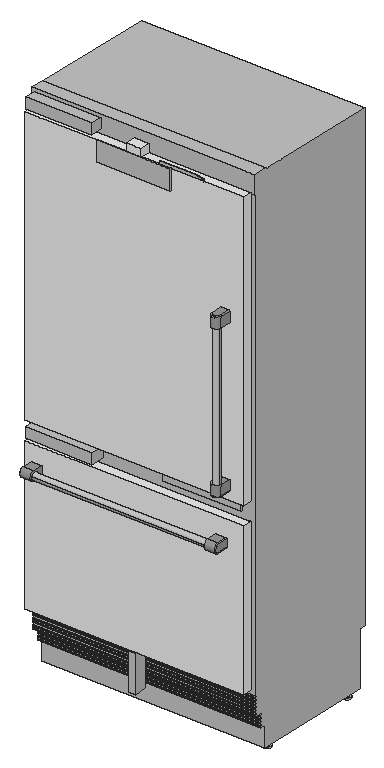
Revit family "FP-Revit20-en-RS9121WLUVE1-IntegratedRefrigerator-0-90003567A-NZ-AU-UK-IE-SG-ASIA-CN", category Specialty Equipment, Revit 2020
Family settings
  Round Connector Dimension = Use Diameter
  Part Type = Normal
  OmniClass Number = 23.40.40.11.11
  OmniClass Title = Refrigerators and Freezers
  Work Plane-Based = No
  Always vertical = Yes
  Cut with Voids When Loaded = Yes
  Shared = No
  Room Calculation Point = No
Parameters (values of type "RS9121WRUVE1")
  Visibility - Water Connection = yes
  Visibility - Visibility Control Note = yes
  Visibility - Clearance Required = yes
  URL = "www.fisherpaykel.com"
  Stainless Steel Door Panels (RD9121WLD) = no
  Product - Width = 908 mm  # constant formula
  Product - Height = 2134 mm  # constant formula
  Product - Depth (exl front panel) = 610 mm  # constant formula
  Model = "RS3084WLU1"
  Material - Handle = Fisher & Paykel - Aluminium
  Material - Door Structure = Fisher & Paykel - White
  Material - Door Front = Fisher & Paykel - Stainless Steel
  Material - Body = Fisher & Paykel - Grey
  Manufacturer = "Fisher & Paykel Appliances"
  Handle Style - Professional Round (AHP3RD9121W) = yes
  Handle Style - Contemporary Square Fine Black (AHD5RD9121WB) = no
  Handle Style - Contemporary Square Fine (AHD5RD9121W) = no
  Handle Style - Contemporary Round (AHSRD9121W) = no
  Description = "30\" Integrated Column Freezer with internal Ice & Water, White Interior"
  Default Elevation = 0 mm
  Connector Description - Water = "1/4\" (6mm) comp. stainless steel braided hose"
  Connector Description - Electrical = "120 V, 10 amp fused electrical supply"
  Cavity - Width = 914 mm  # constant formula
  Cavity - Height = 2134 mm  # constant formula
  Cavity - Depth = 635 mm  # constant formula
Reference planes
  plane 1 "Datum": y = 0
  plane 2: z = 0
  plane 3 "Center (Left/Right)": x = 0
  plane 4 "Product LHS": x = -454
  plane 5 "Product RHS": x = 454
  plane 6 "Product - Depth": y = 610
  plane 7 "Cavity LHS": x = -457
  plane 8 "Cavity RHS": x = 457
  plane 9 "Cavity - Depth": y = 635
  plane 10 "Product Height": z = 2134
  plane 11 "Cavity Height": z = 2134
  plane 12 "Door Panel Datum": y = -4.1
  plane 13 "KNOB 33": x = -390
Forms (mm)
  Extrusion 1, solid, material "Fisher & Paykel - Grey" <- "Material - Body"
    sketch origin (0, 0, 0) x (0, 1, 0) y (0, 0, 1)
      loop
        line (100.1, 19.1) -> (587.9, 19.1) -> (587.9, 239.7) -> (610, 239.7) -> (610, 2132.3) -> (105.1, 2132.3) -> (105.1, 2134) -> (49.9, 2134) -> (49.9, 2059) -> (56, 2059) -> (56, 228.6) -> (59.5, 228.6) -> (59.5, 219.7) -> (56.5, 219.7) -> (56.5, 215.9) -> (59.5, 215.9) -> (59.5, 207) -> (56.5, 207) -> (56.5, 203.2) -> (59.5, 203.2) -> (59.5, 194.3) -> (56.5, 194.3) -> (56.5, 190.5) -> (59.5, 190.5) -> (59.5, 181.6) -> (56.5, 181.6) -> (56.5, 177.8) -> (59.5, 177.8) -> (59.5, 168.9) -> (56.5, 168.9) -> (56.5, 165.1) -> (59.5, 165.1) -> (59.5, 156.2) -> (56.5, 156.2) -> (56.5, 152.4) -> (84.1, 152.4) -> (84.1, 143.5) -> (81.1, 143.5) -> (81.1, 139.7) -> (84.1, 139.7) -> (84.1, 130.8) -> (81.1, 130.8) -> (81.1, 127) -> (84.1, 127) -> (84.1, 118.1) -> (81.1, 118.1) -> (81.1, 114.3) -> (84.1, 114.3) -> (84.1, 105.4) -> (81.1, 105.4) -> (81.1, 101.6) -> (100.1, 101.6) -> (100.1, 19.1)
    from -454 to 454
  Extrusion 2, solid, material "Fisher & Paykel - Grey" <- "Material - Body"
    sketch origin (0, 0, 0) x (1, 0, 0) y (0, 1, 0)
      loop
        circle (-433.5, 547.8) r 4.1
      loop
        circle (-433.5, 141.8) r 4.1
      loop
        circle (433.5, 547.8) r 4.1
      loop
        circle (433.5, 141.8) r 4.1
    from 3 to 19.1
  Extrusion 3, solid, material "Fisher & Paykel - Grey" <- "Material - Body"
    sketch origin (0, 0, 0) x (1, 0, 0) y (0, 1, 0)
      loop
        circle (-433.5, 547.8) r 14.5
      loop
        circle (-433.5, 141.8) r 14.555
      loop
        circle (433.5, 547.8) r 14.5
      loop
        circle (433.5, 141.8) r 14.555
    from 0 to 3
  Extrusion 4, solid, material "Fisher & Paykel - Grey" <- "Material - Body", detail levels fine
    sketch origin (0, 0, 0) x (1, 0, 0) y (0, 1, 0)
      loop
        line (-7.5, 49) -> (-13.797, -4.1) -> (13.797, -4.1) -> (7.5, 49) -> (-7.5, 49)
    from 104.2 to 253.8
  Extrusion 5, solid, material "Fisher & Paykel - Grey" <- "Material - Body", detail levels fine
    sketch origin (0, 0, 0) x (0, 1, 0) y (0, 0, 1)
      loop
        line (0, 2070.6) -> (0, 1988.6) -> (2, 1988.6) -> (2, 2068.6) -> (4, 2068.6) -> (4, 2070.6) -> (0, 2070.6)
    from -150 to 150
  Extrusion 6, solid, material "Fisher & Paykel - Grey" <- "Material - Body"
    sketch origin (0, 0, 0) x (1, 0, 0) y (0, 0, 1)
      loop
        circle (379, 119.813) r 5
      loop
        circle (-379, 119.813) r 5
    from -590 to -587.9
  Extrusion 7, solid, material "Fisher & Paykel - White" <- "Material - Door Structure"
    sketch origin (0, 0, 0) x (1, 0, 0) y (0, 1, 0)
      loop
        line (-429, 56) -> (-429, 42) -> (429, 42) -> (429, 56) -> (-429, 56)
    from 951.3 to 2030.7
  Extrusion 8, solid, material "Fisher & Paykel - White" <- "Material - Door Structure"
    sketch origin (0, 0, 0) x (1, 0, 0) y (0, 1, 0)
      loop
        line (-445.4, 42) -> (-445.4, 3) -> (445.4, 3) -> (445.4, 42) -> (-445.4, 42)
    from 943.8 to 2068.6
  Extrusion 9, solid, material "Fisher & Paykel - White" <- "Material - Door Structure", detail levels fine
    sketch origin (0, 0, 0) x (1, 0, 0) y (0, 0, 1)
      loop
        line (-29.5, 2100.1) -> (-29.5, 2068.6) -> (29.5, 2068.6) -> (29.5, 2100.1) -> (-29.5, 2100.1)
    from -42 to -3
  Extrusion 10, solid, material "Fisher & Paykel - Stainless Steel" <- "Material - Door Front", visible <- "Stainless Steel Door Panels (RD9121WLD)"
    sketch origin (0, 0, 0) x (0, 1, 0) y (0, 0, 1)
      loop
        line (-22.1, 2130.8) -> (-22.1, 876.3) -> (-4.1, 876.3) -> (-4.1, 2130.8) -> (-22.1, 2130.8)
      loop
        line (-22.1, 102) -> (-4.1, 102) -> (-4.1, 873.1) -> (-22.1, 873.1) -> (-22.1, 102)
    from -454 to 454
  Extrusion 11, solid, material "Fisher & Paykel - Grey" <- "Material - Body", detail levels fine
    sketch origin (0, 0, -4) x (0, 1, 0) y (0, 0, 1)
      loop
        arc (163.888, 23.1) -> (180.4, 13.63) -> (196.912, 23.1) r 19.13
        line (196.912, 23.1) -> (163.888, 23.1)
      loop
        arc (493.888, 23.1) -> (510.4, 13.63) -> (526.912, 23.1) r 19.13
        line (526.912, 23.1) -> (493.888, 23.1)
    from 191 to 219
  Extrusion 12, solid, material "Fisher & Paykel - Grey" <- "Material - Body", detail levels fine
    sketch origin (0, 0, -4) x (0, 1, 0) y (0, 0, -1)
      loop
        line (163.888, -23.1) -> (196.912, -23.1)
        arc (196.912, -23.1) -> (180.4, -13.63) -> (163.888, -23.1) r 19.13
      loop
        line (493.888, -23.1) -> (526.912, -23.1)
        arc (526.912, -23.1) -> (510.4, -13.63) -> (493.888, -23.1) r 19.13
    from 191 to 219
  Extrusion 13, solid, material "Fisher & Paykel - Clearance Required", visible <- "Visibility - Clearance Required", detail levels coarse
    sketch origin (0, 0, 0) x (1, 0, 0) y (0, 1, 0)
      loop
        line (-457, 635) -> (-457, -4.1) -> (457, -4.1) -> (457, 635) -> (-457, 635)
    from 0 to 2134
  Extrusion 14, solid, material "Fisher & Paykel - White" <- "Material - Door Structure"
    sketch origin (0, 0, 0) x (1, 0, 0) y (0, 1, 0)
      loop
        line (-445.4, 42) -> (-445.4, 3) -> (445.4, 3) -> (445.4, 42) -> (-445.4, 42)
    from 253.8 to 868.15
  Extrusion 15, solid, material "Fisher & Paykel - White" <- "Material - Door Structure"
    sketch origin (0, 0, 0) x (1, 0, 0) y (0, 1, 0)
      loop
        line (-429, 56) -> (-429, 42) -> (429, 42) -> (429, 56) -> (-429, 56)
    from 269.2 to 858.13
  Extrusion 16, solid, material "Fisher & Paykel - Clearance Required", visible <- "Visibility - Clearance Required", detail levels coarse
    sketch origin (0, 0, 0) x (0, 1, 0) y (0, 0, 1)
      loop
        line (-422.1, 873.1) -> (-422.1, 818.896) -> (-482.1, 818.896) -> (-482.1, 781.896) -> (-422.1, 781.896) -> (-422.1, 101.6) -> (-22.1, 101.6) -> (-22.1, 873.1) -> (-422.1, 873.1)
    from -454 to 454
  Extrusion 17, solid, material "Fisher & Paykel - Clearance Required", visible <- "Visibility - Clearance Required", detail levels coarse
    sketch origin (0, -0.697, 0) x (-1, 0, 0) y (0, -1, 0)
      loop
        line (377.5, 21.403) -> (454, 21.403)
        arc (454, 21.403) -> (456.992, 56.377) -> (491.915, 59.919) r 27.5
        line (491.915, 59.919) -> (773.006, 826.779) -> (799.252, 817.159)
        arc (799.252, 817.159) -> (823.815, 826.099) -> (814.875, 850.661) r 18.483
        line (814.875, 850.661) -> (788.602, 862.912) -> (810.604, 910.252)
        arc (810.604, 910.252) -> (-56.539, 799.947) -> (-454, 21.403) r 935.499
        line (-454, 21.403) -> (377.5, 21.403)
    from 876.3 to 2134
  Extrusion 18, solid, material "Fisher & Paykel - Grey" <- "Material - Body", detail levels fine
    sketch origin (0, 0, 0) x (0, 1, 0) y (0, 0, -1)
      loop
        line (0, -2070.6) -> (4, -2070.6) -> (4, -2068.6) -> (2, -2068.6) -> (2, -1988.6) -> (0, -1988.6) -> (0, -2070.6)
    from -150 to 150
  Extrusion 19, solid, material "Fisher & Paykel - White" <- "Material - Door Structure", detail levels fine
    sketch origin (0, 0, 0) x (-1, 0, 0) y (0, 0, -1)
      loop
        line (-29.5, -2100.1) -> (29.5, -2100.1) -> (29.5, -2068.6) -> (-29.5, -2068.6) -> (-29.5, -2100.1)
    from -42 to -3
  Extrusion 20, solid, material "Fisher & Paykel - Grey" <- "Material - Body", detail levels fine
    sketch origin (0, 0, 0) x (-1, 0, 0) y (0, 0, -1)
      loop
        line (442.4, -2123.15) -> (442.4, -2081.05) -> (171.42, -2081.05) -> (171.42, -2123.15) -> (442.4, -2123.15)
    from -49 to -2.5
  Extrusion 21, solid, material "Fisher & Paykel - Grey" <- "Material - Body", detail levels fine
    sketch origin (0, 0, 0) x (1, 0, 0) y (0, 0, 1)
      loop
        line (118.4, 943.8) -> (118.4, 919.35) -> (435.4, 919.35) -> (435.4, 943.8) -> (118.4, 943.8)
      loop
        line (106, 2081.05) -> (106, 2068.6) -> (282.9, 2068.6) -> (282.9, 2076.05) -> (242.9, 2081.05) -> (106, 2081.05)
    from -7 to -4
  Extrusion 22, solid, material "Fisher & Paykel - Grey" <- "Material - Body", detail levels fine
    sketch origin (0, 0, 0) x (-1, 0, 0) y (0, 0, -1)
      loop
        line (442.4, -877.25) -> (171.42, -877.25) -> (171.42, -919.35) -> (442.4, -919.35) -> (442.4, -877.25)
    from -56 to -2.5
Lines and regions (mm)
  model lines, style "Fisher & Paykel"
    curve 1: line (-454, -4.1, 2130.8) -> (454, -4.1, 2130.8)
    curve 2: line (-454, -4.1, 876.3) -> (-454, -4.1, 2130.8)
    curve 3: line (454, -4.1, 876.3) -> (-454, -4.1, 876.3)
    curve 4: line (454, -4.1, 2130.8) -> (454, -4.1, 876.3)
    curve 5: line (454, -4.1, 873.1) -> (-454, -4.1, 873.1)
    curve 6: line (454, -4.1, 102) -> (454, -4.1, 873.1)
    curve 7: line (-454, -4.1, 102) -> (454, -4.1, 102)
    curve 8: line (-454, -4.1, 873.1) -> (-454, -4.1, 102)
Text (mm)
  text "Due to ongoing product development, product details are subject to change without notice. \nPlease always refer to www.fisherpaykel.com for the most current product information. \n© Fisher & Paykel 2020" at (41.04, -878.295, 0), in view "Ref. Level (Plan)"
Dimensions and locks
  equal spacing: plane 4 "Product LHS", plane 3 "Center (Left/Right)", plane 5 "Product RHS"
  "Product - Width": plane 4 "Product LHS" to plane 5 "Product RHS"
  "Product - Depth (exl front panel)": plane 1 "Datum" to plane 6 "Product - Depth"
  equal spacing: plane 7 "Cavity LHS", plane 3 "Center (Left/Right)", plane 8 "Cavity RHS"
  "Cavity - Width": plane 7 "Cavity LHS" to plane 8 "Cavity RHS"
  "Cavity - Depth": plane 9 "Cavity - Depth" to plane 1 "Datum"
  plane 4 "Product LHS" to Extrusion 2 sketch curve = 24.6 mm
  Extrusion 6 sketch curve to Extrusion 1 = 119.887 mm  (x2)
  Extrusion 6 sketch curve to plane 5 "Product RHS" = 75 mm
  plane 4 "Product LHS" to Extrusion 6 sketch curve = 75 mm
  Extrusion 1 sketch curve to Extrusion 1 sketch curve = 82.5 mm
  Extrusion 1 sketch curve to Extrusion 1 sketch curve = 209.5 mm
  Extrusion 1 sketch curve to Extrusion 1 sketch curve = 220.6 mm
  Extrusion 3 to level = 3 mm
  "Product - Height": level to plane 10 "Product Height"
  plane 10 "Product Height" to Extrusion 10 = 3.2 mm
  Extrusion 8 to plane 10 "Product Height" = 65.4 mm
  Extrusion 7 to plane 10 "Product Height" = 103.3 mm
  Extrusion 1 sketch curve to plane 10 "Product Height" = 1.7 mm
  Extrusion 1 sketch curve to plane 10 "Product Height" = 75 mm
  "Cavity - Height": plane 11 "Cavity Height" to level
  plane 1 "Datum" to Extrusion 13 = 635 mm
  nested 6 to curve 6 = 454 mm
  Extrusion 21 sketch curve to Extrusion 21 sketch curve = 40 mm
  Extrusion 21 sketch curve to Extrusion 21 sketch curve = 176.9 mm
  radius of Extrusion 6 sketch curve = 5 mm
  aligned and locked: level to plane 2
  aligned and locked: Extrusion 10 to plane 5 "Product RHS"
  aligned and locked: plane 4 "Product LHS" to Extrusion 10
  aligned and locked: plane 10 "Product Height" to Extrusion 1 sketch curve
  aligned and locked: Extrusion 11 sketch curve to Extrusion 11 sketch curve
  aligned and locked: Extrusion 12 sketch curve to Extrusion 12 sketch curve
  aligned and locked: Extrusion 1 to plane 5 "Product RHS"
  aligned and locked: plane 4 "Product LHS" to Extrusion 1
  aligned and locked: Extrusion 1 to Extrusion 16
  aligned and locked: Extrusion 16 to Extrusion 1
Automatic sketch dimensions
  Extrusion 1 sketch curve to plane 6 "Product - Depth" = 0 mm
  Extrusion 1 sketch curve to Extrusion 1 sketch curve = 22.1 mm
  Extrusion 1 sketch curve to plane 1 "Datum" = 105.1 mm
  level to Extrusion 1 sketch curve = 19.1 mm
  Extrusion 1 sketch curve to plane 1 "Datum" = 100.1 mm
  Extrusion 1 sketch curve to Extrusion 1 sketch curve = 16 mm
  Extrusion 1 sketch curve to Extrusion 1 sketch curve = 0 mm  (x8)
  Extrusion 1 sketch curve to Extrusion 1 sketch curve = 3 mm  (x10)
  Extrusion 1 sketch curve to plane 1 "Datum" = 59.5 mm
  Extrusion 1 sketch curve to plane 1 "Datum" = 56 mm
  Extrusion 1 sketch curve to plane 1 "Datum" = 49.9 mm
  Extrusion 1 sketch curve to Extrusion 1 sketch curve = 3.8 mm  (x10)
  Extrusion 1 sketch curve to Extrusion 1 sketch curve = 8.9 mm  (x9)
  Extrusion 2 sketch curve to plane 4 "Product LHS" = 20.5 mm  (x2)
  plane 5 "Product RHS" to Extrusion 2 sketch curve = 20.5 mm  (x2)
  Extrusion 2 sketch curve to plane 1 "Datum" = 141.8 mm  (x2)
  Extrusion 2 sketch curve to plane 6 "Product - Depth" = 62.2 mm  (x2)
  Extrusion 3 sketch curve to plane 4 "Product LHS" = 20.5 mm  (x2)
  plane 5 "Product RHS" to Extrusion 3 sketch curve = 20.5 mm  (x2)
  Extrusion 3 sketch curve to plane 1 "Datum" = 141.8 mm  (x2)
  Extrusion 3 sketch curve to plane 6 "Product - Depth" = 62.2 mm  (x2)
  Extrusion 4 sketch curve to plane 12 "Door Panel Datum" = 0 mm
  Extrusion 4 sketch curve to plane 3 "Center (Left/Right)" = 13.797 mm
  Extrusion 4 sketch curve to plane 3 "Center (Left/Right)" = 7.5 mm
  plane 3 "Center (Left/Right)" to Extrusion 4 sketch curve = 7.5 mm
  plane 3 "Center (Left/Right)" to Extrusion 4 sketch curve = 13.797 mm
  Extrusion 4 sketch curve to plane 1 "Datum" = 49 mm
  Extrusion 5 sketch curve to plane 1 "Datum" = 0 mm
  Extrusion 5 sketch curve to plane 1 "Datum" = 2 mm
  Extrusion 5 sketch curve to Extrusion 5 sketch curve = 2 mm  (x2)
  plane 10 "Product Height" to Extrusion 5 sketch curve = 145.4 mm
  plane 10 "Product Height" to Extrusion 5 sketch curve = 65.4 mm
  Extrusion 7 sketch curve to plane 4 "Product LHS" = 25 mm
  plane 5 "Product RHS" to Extrusion 7 sketch curve = 25 mm
  Extrusion 7 sketch curve to plane 1 "Datum" = 42 mm
  Extrusion 7 sketch curve to Extrusion 7 sketch curve = 14 mm
  Extrusion 8 sketch curve to plane 1 "Datum" = 3 mm
  Extrusion 8 sketch curve to plane 4 "Product LHS" = 8.6 mm
  plane 5 "Product RHS" to Extrusion 8 sketch curve = 8.6 mm
  Extrusion 8 sketch curve to Extrusion 8 sketch curve = 39 mm
  Extrusion 9 sketch curve to plane 3 "Center (Left/Right)" = 29.5 mm
  plane 3 "Center (Left/Right)" to Extrusion 9 sketch curve = 29.5 mm
  plane 10 "Product Height" to Extrusion 9 sketch curve = 65.4 mm
  Extrusion 9 sketch curve to Extrusion 9 sketch curve = 31.5 mm
  Extrusion 10 sketch curve to plane 12 "Door Panel Datum" = 0 mm  (x2)
  plane 10 "Product Height" to Extrusion 10 sketch curve = 3.2 mm
  Extrusion 10 sketch curve to plane 12 "Door Panel Datum" = 18 mm
  Extrusion 10 sketch curve to Extrusion 10 sketch curve = 0 mm
  level to Extrusion 10 sketch curve = 876.3 mm
  Extrusion 10 sketch curve to Extrusion 10 sketch curve = 3.2 mm
  level to Extrusion 10 sketch curve = 102 mm
  level to Extrusion 11 sketch curve = 19.1 mm
  Extrusion 11 sketch curve to plane 1 "Datum" = 163.888 mm
  Extrusion 11 sketch curve to Extrusion 11 sketch curve = 16.512 mm  (x2)
  Extrusion 11 sketch curve to plane 6 "Product - Depth" = 116.112 mm
  Extrusion 11 sketch curve to Extrusion 11 sketch curve = 9.66 mm  (x2)
  level to Extrusion 12 sketch curve = 19.1 mm
  Extrusion 12 sketch curve to plane 1 "Datum" = 163.888 mm
  Extrusion 12 sketch curve to Extrusion 12 sketch curve = 16.512 mm  (x2)
  Extrusion 12 sketch curve to plane 6 "Product - Depth" = 116.112 mm
  Extrusion 12 sketch curve to Extrusion 12 sketch curve = 9.66 mm  (x2)
  Extrusion 13 sketch curve to plane 7 "Cavity LHS" = 0 mm
  Extrusion 13 sketch curve to plane 8 "Cavity RHS" = 0 mm
  Extrusion 13 sketch curve to plane 12 "Door Panel Datum" = 0 mm
  Extrusion 13 sketch curve to plane 9 "Cavity - Depth" = 0 mm
  Extrusion 14 sketch curve to plane 1 "Datum" = 3 mm
  Extrusion 14 sketch curve to plane 4 "Product LHS" = 8.6 mm
  plane 5 "Product RHS" to Extrusion 14 sketch curve = 8.6 mm
  Extrusion 14 sketch curve to Extrusion 14 sketch curve = 39 mm
  Extrusion 15 sketch curve to plane 4 "Product LHS" = 25 mm
  plane 5 "Product RHS" to Extrusion 15 sketch curve = 25 mm
  Extrusion 15 sketch curve to plane 1 "Datum" = 42 mm
  Extrusion 15 sketch curve to Extrusion 15 sketch curve = 14 mm
  Extrusion 16 sketch curve to plane 12 "Door Panel Datum" = 478 mm
  Extrusion 16 sketch curve to Extrusion 16 sketch curve = 60 mm
  Extrusion 16 sketch curve to Extrusion 16 sketch curve = 0 mm
  Extrusion 16 sketch curve to plane 12 "Door Panel Datum" = 18 mm
  level to Extrusion 16 sketch curve = 101.6 mm
  Extrusion 16 sketch curve to Extrusion 16 sketch curve = 680.296 mm
  Extrusion 16 sketch curve to Extrusion 16 sketch curve = 37 mm
  Extrusion 16 sketch curve to Extrusion 16 sketch curve = 54.204 mm
  Extrusion 17 sketch curve to plane 5 "Product RHS" = 0 mm
  Extrusion 17 sketch curve to plane 13 "KNOB 33" = 12.5 mm
  plane 4 "Product LHS" to Extrusion 17 sketch curve = 0 mm
  Extrusion 17 sketch curve to plane 7 "Cavity LHS" = 19.59 mm
  Extrusion 17 sketch curve to Extrusion 17 sketch curve = 4.816 mm
  Extrusion 17 sketch curve to Extrusion 17 sketch curve = 10.509 mm
  Extrusion 17 sketch curve to plane 7 "Cavity LHS" = 316.006 mm
  Extrusion 17 sketch curve to Extrusion 17 sketch curve = 15.596 mm
  Extrusion 17 sketch curve to Extrusion 17 sketch curve = 26.246 mm
  Extrusion 17 sketch curve to Extrusion 17 sketch curve = 7.811 mm  (x2)
  Extrusion 17 sketch curve to Extrusion 17 sketch curve = 22.003 mm
  plane 12 "Door Panel Datum" to Extrusion 17 sketch curve = 906.849 mm
  Extrusion 17 sketch curve to Extrusion 17 sketch curve = 47.339 mm
  Extrusion 17 sketch curve to Extrusion 17 sketch curve = 12.251 mm
  Extrusion 17 sketch curve to Extrusion 17 sketch curve = 16.751 mm
  Extrusion 17 sketch curve to Extrusion 17 sketch curve = 9.62 mm
  Extrusion 17 sketch curve to Extrusion 17 sketch curve = 22.833 mm
  plane 5 "Product RHS" to curve 5 = 0 mm
  plane 5 "Product RHS" to curve 1 = 0 mm
  plane 4 "Product LHS" to curve 5 = 0 mm
  plane 4 "Product LHS" to curve 2 = 0 mm
  level to curve 6 = 102 mm
  curve 6 to curve 6 = 771.1 mm
  curve 5 to curve 2 = 3.2 mm
  plane 10 "Product Height" to curve 2 = 3.2 mm
  Extrusion 18 sketch curve to plane 1 "Datum" = 0 mm
  Extrusion 18 sketch curve to plane 1 "Datum" = 2 mm
  Extrusion 18 sketch curve to Extrusion 18 sketch curve = 2 mm  (x2)
  plane 10 "Product Height" to Extrusion 18 sketch curve = 63.4 mm
  Extrusion 18 sketch curve to Extrusion 18 sketch curve = 80 mm
  Extrusion 19 sketch curve to plane 3 "Center (Left/Right)" = 29.5 mm
  plane 3 "Center (Left/Right)" to Extrusion 19 sketch curve = 29.5 mm
  Extrusion 19 sketch curve to plane 10 "Product Height" = 65.4 mm
  Extrusion 19 sketch curve to Extrusion 19 sketch curve = 31.5 mm
  Extrusion 20 sketch curve to plane 10 "Product Height" = 10.85 mm
  plane 3 "Center (Left/Right)" to Extrusion 20 sketch curve = 171.42 mm
  plane 4 "Product LHS" to Extrusion 20 sketch curve = 11.6 mm
  Extrusion 20 sketch curve to Extrusion 20 sketch curve = 42.1 mm
  plane 10 "Product Height" to Extrusion 21 sketch curve = 52.95 mm
  plane 3 "Center (Left/Right)" to Extrusion 21 sketch curve = 106 mm
  plane 3 "Center (Left/Right)" to Extrusion 21 sketch curve = 118.4 mm
  plane 5 "Product RHS" to Extrusion 21 sketch curve = 18.6 mm
  Extrusion 21 sketch curve to Extrusion 21 sketch curve = 5 mm
  Extrusion 21 sketch curve to Extrusion 21 sketch curve = 12.45 mm
  level to Extrusion 21 sketch curve = 943.8 mm
  Extrusion 21 sketch curve to Extrusion 21 sketch curve = 24.45 mm
  plane 3 "Center (Left/Right)" to Extrusion 22 sketch curve = 171.42 mm
  plane 4 "Product LHS" to Extrusion 22 sketch curve = 11.6 mm
  Extrusion 22 sketch curve to level = 877.25 mm
  Extrusion 22 sketch curve to Extrusion 22 sketch curve = 42.1 mm
  radius of Extrusion 2 sketch curve = 4.1 mm  (x3)
  radius of Extrusion 3 sketch curve = 14.5 mm  (x2)
  radius of Extrusion 3 sketch curve = 14.555 mm  (x2)
  radius of Extrusion 6 sketch curve = 5 mm
Nested families
  nested 1: "Visibility Control Note 18" at (0, 0, 0), visible <- "Visibility - Visibility Control Note", type "Visibility Control Note 18"
  nested 2: "Handle Contemporary Square - Horizontal" at (0, -22.1, 800.364), type "AHD3RD3684W - Contemporary square handle (2 of 2) (Horizontal) 798mm", not visible
  nested 3: "F&P Handle Kit - Contemporary Square Fine - Horizontal" at (0, -22.1, 800.364), type "AHD5RD3684WB - Contemporary square fine black handle (2 of 2) (Horizontal) 798mm", not visible
  nested 4: "F&P Handle Kit - Contemporary Square Fine - Horizontal" at (0, -22.1, 800.364), visible <- "Handle Style - Contemporary Square Fine Black (AHD5RD9121WB)", type "AHD5RD3684WB - Contemporary square fine black handle (2 of 2) (Horizontal) 798mm"
  nested 5: "Handle Contemporary Round - Horizontal" at (0, -22.1, 800), visible <- "Handle Style - Contemporary Round (AHSRD9121W)", type "AHSRD3684W - Contemporary round handle (2 of 2) (Horizontal) 798mm"
  nested 6: "F&P Handle Kit - Contemporary Square Fine - Horizontal" at (0, -22.1, 799.994), visible <- "Handle Style - Contemporary Square Fine (AHD5RD9121W)", type "AHD5RD3684W - Contemporary square fine handle (2 of 2) (Horizontal) 798mm"
  nested 7: "Handle Professional Round - Horizontal" at (0, -22.1, 800.342), visible <- "Handle Style - Professional Round (AHP3RD9121W)", type "AHP3RD9121W - Professional round handle (2 of 2) (Horizontal) 798mm"
  nested 8: "F&P Handle Kit - Contemporary Square Fine - Vertical" at (390, -22.1, 1322.58), visible <- "Handle Style - Contemporary Square Fine Black (AHD5RD9121WB)", type "AHD5RD9121WB - Contemporary square fine black handle (1 of 2) (Vertical) 727mm"
  nested 9: "F&P Handle Kit - Contemporary Square Fine - Vertical" at (390.3, -22.1, 1322.58), visible <- "Handle Style - Contemporary Square Fine (AHD5RD9121W)", type "AHD5RD9121W - Contemporary square fine handle (1 of 2) (Vertical) 727mm"
  nested 10: "Handle Contemporary Round - Vertical" at (390, -22.1, 1322.58), visible <- "Handle Style - Contemporary Round (AHSRD9121W)", type "AHSRD9121W - Contemporary round handle (1 of 2) (Vertical) 727mm"
  nested 11: "Handle Professional Round - Vertical" at (390, -22.1, 1322.58) x (-1, 0, 0) z (0, 0, 1), visible <- "Handle Style - Professional Round (AHP3RD9121W)", type "AHP3RD9121W - Professional round handle (1 of 2) (Vertical) 661mm"
Connectors
  electrical at (-379, 590, 119.813), driven by "Connector Description - Electrical"
    settings: on Extrusion 6, index 1, voltage 120 V, apparent load 0 VA, apparent load phase1 0 VA, apparent load phase2 0 VA, apparent load phase3 0 VA, power factor 1, load classification "Other", number of poles 1, system type 30, power factor state 1, is connector primary yes, connector utility no, sub classification motor no, connector description "120 V, 10 amp fused electrical supply"
  piping at (379, 590, 119.813), diameter 12.7, driven by "Visibility - Water Connection", driven by "Connector Description - Water"
    settings: on Extrusion 6, index 2, connector inside diameter 609.6 mm, connector length 0 mm, flow factor 0, pipe flow 0.0 L/s, pressure drop 0.0 Pa, fitting loss kfactor 0, connector angle 0.00°, fixture units 0, engagement length 0 mm, angle of deflection 0.00°, flow configuration 0, flow direction 1, fitting loss method 0, system type 20, joint type 0, gender type 0, connector reference index -1, connector utility 1, adjustable connector no, is connector primary yes, connector description "1/4\" (6mm) comp. stainless steel braided hose"
Definition of nested family "Handle Contemporary Square - Horizontal"
  Parameters (values of type "AHD3RD3684W - Contemporary square handle (2 of 2) (Horizontal) 798mm")
    URL = "www.fisherpaykel.com"
    Material - Handle = none
    Manufacturer = "Fisher & Paykel Appliances"
    Handle - Length = 798 mm
    Default Elevation = 0 mm
  Types (2, lengths in mm): name | Handle - Length
    AHD3RD3084W - Contemporary square handle (2 of 2) (Horizontal) 646mm | 646
    AHD3RD3684W - Contemporary square handle (2 of 2) (Horizontal) 798mm | 798
  Reference planes
    plane 1 "Center (Front/Back)": y = 0
    plane 2: z = 0
    plane 3 "Center (Left/Right)": x = 0
    plane 4 "Product LHS": x = -399
    plane 5 "Product RHS": x = 399
    plane 6 "LHS Standoff": x = -278.995
    plane 7 "RHS Standoff": x = 279.005
  Forms (mm)
    Extrusion 1, solid, material <- "Material - Handle", detail levels fine
      sketch origin (0, 0, 0) x (0, 1, 0) y (0, 0, 1)
        loop
          arc (-28.701, 7.561) -> (-29.057, 7.868) -> (-29.514, 7.978) r 1
          line (-29.514, 7.978) -> (-40.5, 7.978)
          arc (-40.5, 7.978) -> (-41.561, 7.539) -> (-42, 6.478) r 1.5
          line (-42, 6.478) -> (-42, -6.522)
          arc (-42, -6.522) -> (-41.561, -7.583) -> (-40.5, -8.022) r 1.5
          line (-40.5, -8.022) -> (-29.487, -8.022)
          arc (-29.487, -8.022) -> (-29.029, -7.911) -> (-28.673, -7.602) r 1
          arc (-28.673, -7.602) -> (-26.256, -0.016) -> (-28.701, 7.561) r 13.038
      from -399 to 399
    Extrusion 2, solid, material <- "Material - Handle", detail levels fine
      sketch origin (0, 0, 0) x (0, 1, 0) y (0, 0, 1)
        loop
          arc (-28.23, 7.062) -> (-26.156, 0.008) -> (-28.198, -7.056) r 13.136
          arc (-28.198, -7.056) -> (-28.21, -7.463) -> (-27.86, -7.67) r 0.4
          line (-27.86, -7.67) -> (0, -7.67) -> (0, 7.678) -> (-27.893, 7.678)
          arc (-27.893, 7.678) -> (-28.244, 7.47) -> (-28.23, 7.062) r 0.4
      from 279.005 to 399
    Extrusion 3, solid, material <- "Material - Handle", detail levels fine
      sketch origin (0, 0, 0) x (0, 1, 0) y (0, 0, -1)
        loop
          arc (-28.23, -7.062) -> (-28.244, -7.47) -> (-27.893, -7.678) r 0.4
          line (-27.893, -7.678) -> (0, -7.678) -> (0, 7.67) -> (-27.86, 7.67)
          arc (-27.86, 7.67) -> (-28.21, 7.463) -> (-28.198, 7.056) r 0.4
          arc (-28.198, 7.056) -> (-26.156, -0.008) -> (-28.23, -7.062) r 13.136
      from 278.995 to 399
    Sweep 4, void
      path in 3D
        loop
          line (399, -29.514, 7.978) -> (399, -40.5, 7.978)
          arc (399, -40.5, 7.978) -> (399, -41.561, 7.539) -> (399, -42, 6.478) r 1.5
          line (399, -42, 6.478) -> (399, -42, -6.522)
          arc (399, -42, -6.522) -> (399, -41.561, -7.583) -> (399, -40.5, -8.022) r 1.5
          line (399, -40.5, -8.022) -> (399, -29.487, -8.022)
      profile origin (399, -35.007, 7.978) x (1, 0, 0) y (0, 0, 1)
        loop
          line (0, 0) -> (-1.3, 0) -> (0, -1.3) -> (0, 0)
    Sweep 5, void
      path in 3D
        loop
          line (-399, -29.487, -8.022) -> (-399, -40.5, -8.022)
          arc (-399, -40.5, -8.022) -> (-399, -41.561, -7.583) -> (-399, -42, -6.522) r 1.5
          line (-399, -42, -6.522) -> (-399, -42, 6.478)
          arc (-399, -42, 6.478) -> (-399, -41.561, 7.539) -> (-399, -40.5, 7.978) r 1.5
          line (-399, -40.5, 7.978) -> (-399, -29.514, 7.978)
      profile origin (-399, -35.007, 7.978) x (-1, 0, 0) y (0, 0, 1)
        loop
          line (0, 0) -> (-1.3, 0) -> (0, -1.3) -> (0, 0)
    Extrusion 6, void
      sketch origin (0, 0, 0) x (1, 0, 0) y (0, 0, 1)
        loop
          line (399, 7.978) -> (397.7, 7.978) -> (399, 6.678) -> (399, 7.978)
        loop
          line (399, -8.022) -> (399, -6.722) -> (397.7, -8.022) -> (399, -8.022)
      from 0 to 40
    Extrusion 7, void
      sketch origin (0, 0, 0) x (1, 0, 0) y (0, 0, 1)
        loop
          line (-399, 7.978) -> (-399, 6.678) -> (-397.7, 7.978) -> (-399, 7.978)
        loop
          line (-399, -8.022) -> (-397.7, -8.022) -> (-399, -6.722) -> (-399, -8.022)
      from 0 to 40
    Extrusion 8, solid, material <- "Material - Handle", detail levels coarse+medium
      sketch origin (0, 0, 0) x (1, 0, 0) y (0, 1, 0)
        loop
          line (-399, -42) -> (399, -42) -> (399, 0) -> (279.005, 0) -> (279.005, -26.156) -> (-278.995, -26.156) -> (-278.995, 0) -> (-399, 0) -> (-399, -42)
      from -8.022 to 7.978
  Cuts and joins
    Sweep 4, Sweep 5, Extrusion 6, Extrusion 7 cuts Extrusion 1
    Extrusion 6 cuts Extrusion 2
    Extrusion 7 cuts Extrusion 3
  Lines and regions (mm)
    sketch lines
      curve 1: line (399, -29.514, 7.978) -> (399, -40.5, 7.978)
      curve 2: arc (399, -42, 6.478) -> (399, -41.561, 7.539) -> (399, -40.5, 7.978) r 1.5
      curve 3: line (399, -42, 6.478) -> (399, -42, -6.522)
      curve 4: arc (399, -40.5, -8.022) -> (399, -41.561, -7.583) -> (399, -42, -6.522) r 1.5
      curve 5: line (399, -40.5, -8.022) -> (399, -29.487, -8.022)
      curve 6: line (-399, -40.5, 7.978) -> (-399, -29.514, 7.978)
      curve 7: arc (-399, -40.5, 7.978) -> (-399, -41.561, 7.539) -> (-399, -42, 6.478) r 1.5
      curve 8: line (-399, -42, -6.522) -> (-399, -42, 6.478)
      curve 9: arc (-399, -42, -6.522) -> (-399, -41.561, -7.583) -> (-399, -40.5, -8.022) r 1.5
      curve 10: line (-399, -29.487, -8.022) -> (-399, -40.5, -8.022)
  Dimensions and locks
    equal spacing: plane 4 "Product LHS", plane 3 "Center (Left/Right)", plane 5 "Product RHS"
    "Handle - Length": plane 4 "Product LHS" to plane 5 "Product RHS"
    locked: plane 4 "Product LHS" to plane 6 "LHS Standoff" at 120.005
    locked: plane 7 "RHS Standoff" to plane 5 "Product RHS" at 119.995
    aligned and locked: level to plane 2
    aligned and locked: Extrusion 1 to plane 5 "Product RHS"
    aligned and locked: plane 4 "Product LHS" to Extrusion 1
    aligned and locked: Extrusion 2 to plane 5 "Product RHS"
    aligned and locked: plane 4 "Product LHS" to Extrusion 3
    aligned and locked: plane 4 "Product LHS" to Extrusion 8 sketch curve
    aligned and locked: Extrusion 8 sketch curve to plane 5 "Product RHS"
    aligned and locked: Extrusion 8 sketch curve to plane 7 "RHS Standoff"
    aligned and locked: plane 6 "LHS Standoff" to Extrusion 8 sketch curve
    aligned and locked: Extrusion 2 to plane 7 "RHS Standoff"
    aligned and locked: plane 6 "LHS Standoff" to Extrusion 3
  Automatic sketch dimensions
    Extrusion 1 sketch curve to level = 6.522 mm
    plane 1 "Center (Front/Back)" to Extrusion 1 sketch curve = 42 mm
    Extrusion 1 sketch curve to Extrusion 1 sketch curve = 1.5 mm  (x2)
    Extrusion 1 sketch curve to level = 0.04 mm
    Extrusion 1 sketch curve to Extrusion 1 sketch curve = 1.206 mm
    level to Extrusion 1 sketch curve = 6.978 mm
    Extrusion 1 sketch curve to Extrusion 1 sketch curve = 10.986 mm
    Extrusion 1 sketch curve to Extrusion 1 sketch curve = 11.013 mm
    Extrusion 1 sketch curve to Extrusion 1 sketch curve = 1 mm
    level to Extrusion 1 sketch curve = 6.478 mm
    Extrusion 1 sketch curve to Extrusion 1 sketch curve = 0 mm
    Extrusion 2 sketch curve to plane 1 "Center (Front/Back)" = 0 mm
    Extrusion 2 sketch curve to level = 7.67 mm
    Extrusion 2 sketch curve to Extrusion 2 sketch curve = 27.86 mm
    level to Extrusion 2 sketch curve = 7.678 mm
    Extrusion 2 sketch curve to Extrusion 2 sketch curve = 0.033 mm
    Extrusion 2 sketch curve to level = 0.022 mm
    Extrusion 2 sketch curve to Extrusion 2 sketch curve = 11.398 mm
    Extrusion 2 sketch curve to Extrusion 2 sketch curve = 0.4 mm  (x2)
    Extrusion 2 sketch curve to Extrusion 2 sketch curve = 0 mm
    Extrusion 3 sketch curve to plane 1 "Center (Front/Back)" = 0 mm
    Extrusion 3 sketch curve to level = 7.67 mm
    Extrusion 3 sketch curve to Extrusion 3 sketch curve = 27.86 mm
    level to Extrusion 3 sketch curve = 7.678 mm
    Extrusion 3 sketch curve to Extrusion 3 sketch curve = 0.033 mm
    Extrusion 3 sketch curve to level = 0.022 mm
    Extrusion 3 sketch curve to Extrusion 3 sketch curve = 11.398 mm
    Extrusion 3 sketch curve to Extrusion 3 sketch curve = 0.4 mm  (x2)
    Extrusion 3 sketch curve to Extrusion 3 sketch curve = 0 mm
    profile plane to Sweep 4 sketch curve = 0 mm
    Sweep 4 sketch curve to profile plane = 0 mm
    Sweep 4 sketch curve to profile plane = 1.3 mm
    profile plane to Sweep 4 sketch curve = 1.3 mm
    Sweep 5 sketch curve to profile plane = 0 mm  (x2)
    profile plane to Sweep 5 sketch curve = 1.3 mm
    Sweep 5 sketch curve to profile plane = 1.3 mm
    plane 5 "Product RHS" to Extrusion 6 sketch curve = 0 mm  (x2)
    Extrusion 6 sketch curve to Extrusion 6 sketch curve = 1.3 mm  (x4)
    Extrusion 6 sketch curve to level = 6.722 mm
    level to Extrusion 6 sketch curve = 6.678 mm
    plane 4 "Product LHS" to Extrusion 7 sketch curve = 0 mm  (x2)
    Extrusion 7 sketch curve to plane 4 "Product LHS" = 1.3 mm  (x2)
    Extrusion 7 sketch curve to level = 8.022 mm
    level to Extrusion 7 sketch curve = 6.678 mm
    Extrusion 7 sketch curve to Extrusion 7 sketch curve = 1.3 mm  (x2)
    plane 1 "Center (Front/Back)" to Extrusion 8 sketch curve = 0 mm  (x2)
    Extrusion 8 sketch curve to Extrusion 8 sketch curve = 26.156 mm
    Extrusion 8 sketch curve to Extrusion 8 sketch curve = 42 mm
Definition of nested family "F&P Handle Kit - Contemporary Square Fine - Horizontal"
  Parameters (values of type "AHD5RD3684WB - Contemporary square fine black handle (2 of 2) (Horizontal) 798mm")
    URL = "www.fisherpaykel.com"
    Material - Handle = none
    Manufacturer = "Fisher & Paykel Appliances"
    Handle - Length = 798 mm
    Default Elevation = 0 mm
  Types (4, lengths in mm): name | Handle - Length
    AHD5RD3084W - Contemporary square fine handle (2 of 2) (Horizontal) 646mm | 646
    AHD5RD3084WB - Contemporary square fine black handle (2 of 2) (Horizontal) 646mm | 646
    AHD5RD3684W - Contemporary square fine handle (2 of 2) (Horizontal) 798mm | 798
    AHD5RD3684WB - Contemporary square fine black handle (2 of 2) (Horizontal) 798mm | 798
  Reference planes
    plane 1 "Center (Front/Back)": y = 0
    plane 2: z = 0
    plane 3 "Center (Left/Right)": x = 0
    plane 4 "Product LHS": x = -399
    plane 5 "Product RHS": x = 399
    plane 6 "LHS Standoff": x = -278.995
    plane 7 "RHS Standoff": x = 279.005
  Forms (mm)
    Extrusion 1, solid, material <- "Material - Handle", detail levels fine
      sketch origin (0, 0, 0) x (0, 1, 0) y (0, 0, 1)
        loop
          arc (-26.813, 6.16) -> (-27.196, 6.554) -> (-27.728, 6.686) r 1
          line (-27.728, 6.686) -> (-40.035, 6.256)
          arc (-40.035, 6.256) -> (-40.719, 5.951) -> (-41, 5.257) r 1
          line (-41, 5.257) -> (-41, -5.257)
          arc (-41, -5.257) -> (-40.719, -5.951) -> (-40.035, -6.256) r 1
          line (-40.035, -6.256) -> (-27.709, -6.686)
          arc (-27.709, -6.686) -> (-27.175, -6.554) -> (-26.792, -6.158) r 1
          arc (-26.792, -6.158) -> (-25.256, 0.004) -> (-26.813, 6.16) r 13.038
      from -399 to 399
    Extrusion 2, solid, material <- "Material - Handle", detail levels fine
      sketch origin (0, 0, 0) x (0, 1, 0) y (0, 0, 1)
        loop
          arc (-26.626, -6.008) -> (-26.614, -6.49) -> (-26.2, -6.737) r 0.5
          line (-26.2, -6.737) -> (0, -7.696) -> (0, 7.704) -> (-26.174, 6.747)
          arc (-26.174, 6.747) -> (-26.587, 6.5) -> (-26.6, 6.019) r 0.5
          arc (-26.6, 6.019) -> (-25.156, 0.002) -> (-26.626, -6.008) r 13.136
      from 279.005 to 399
    Extrusion 3, solid, material <- "Material - Handle", detail levels coarse+medium
      sketch origin (0, 0, 0) x (1, 0, 0) y (0, 1, 0)
        loop
          line (-399, -42) -> (399, -42) -> (399, 0) -> (279.005, 0) -> (279.005, -26.156) -> (-278.995, -26.156) -> (-278.995, 0) -> (-399, 0) -> (-399, -42)
      from -8.022 to 7.978
    Extrusion 4, solid, material <- "Material - Handle", detail levels fine
      sketch origin (0, 0, 0) x (0, 1, 0) y (0, 0, 1)
        loop
          arc (-26.626, -6.008) -> (-26.614, -6.49) -> (-26.2, -6.737) r 0.5
          line (-26.2, -6.737) -> (0, -7.696) -> (0, 7.704) -> (-26.174, 6.747)
          arc (-26.174, 6.747) -> (-26.587, 6.5) -> (-26.6, 6.019) r 0.5
          arc (-26.6, 6.019) -> (-25.156, 0.002) -> (-26.626, -6.008) r 13.136
      from -399 to -278.995
  Dimensions and locks
    equal spacing: plane 4 "Product LHS", plane 3 "Center (Left/Right)", plane 5 "Product RHS"
    "Handle - Length": plane 4 "Product LHS" to plane 5 "Product RHS"
    locked: plane 4 "Product LHS" to plane 6 "LHS Standoff" at 120.005
    locked: plane 7 "RHS Standoff" to plane 5 "Product RHS" at 119.995
    aligned and locked: level to plane 2
    aligned and locked: Extrusion 1 to plane 5 "Product RHS"
    aligned and locked: plane 4 "Product LHS" to Extrusion 1
    aligned and locked: Extrusion 2 to plane 5 "Product RHS"
    aligned and locked: plane 4 "Product LHS" to Extrusion 3 sketch curve
    aligned and locked: Extrusion 3 sketch curve to plane 5 "Product RHS"
    aligned and locked: Extrusion 3 sketch curve to plane 7 "RHS Standoff"
    aligned and locked: plane 6 "LHS Standoff" to Extrusion 3 sketch curve
    aligned and locked: plane 4 "Product LHS" to Extrusion 4
    aligned and locked: plane 6 "LHS Standoff" to Extrusion 4
    aligned and locked: Extrusion 2 to plane 7 "RHS Standoff"
  Automatic sketch dimensions
    Extrusion 1 sketch curve to level = 5.257 mm
    plane 1 "Center (Front/Back)" to Extrusion 1 sketch curve = 41 mm
    level to Extrusion 1 sketch curve = 6.256 mm
    Extrusion 1 sketch curve to Extrusion 1 sketch curve = 0.965 mm  (x2)
    Extrusion 1 sketch curve to level = 6.256 mm
    Extrusion 1 sketch curve to Extrusion 1 sketch curve = 0.035 mm  (x3)
    Extrusion 1 sketch curve to level = 0.018 mm
    Extrusion 1 sketch curve to Extrusion 1 sketch curve = 1.706 mm
    level to Extrusion 1 sketch curve = 6.686 mm
    Extrusion 1 sketch curve to Extrusion 1 sketch curve = 12.307 mm
    Extrusion 1 sketch curve to level = 6.686 mm
    Extrusion 1 sketch curve to Extrusion 1 sketch curve = 12.326 mm
    Extrusion 1 sketch curve to Extrusion 1 sketch curve = 0.999 mm  (x2)
    Extrusion 1 sketch curve to Extrusion 1 sketch curve = 0 mm
    Extrusion 2 sketch curve to plane 1 "Center (Front/Back)" = 0 mm
    level to Extrusion 2 sketch curve = 6.247 mm
    plane 1 "Center (Front/Back)" to Extrusion 2 sketch curve = 26.155 mm
    level to Extrusion 2 sketch curve = 6.747 mm
    Extrusion 2 sketch curve to Extrusion 2 sketch curve = 0.018 mm  (x2)
    Extrusion 2 sketch curve to level = 6.238 mm
    Extrusion 2 sketch curve to Extrusion 2 sketch curve = 0.026 mm
    Extrusion 2 sketch curve to level = 6.737 mm
    level to Extrusion 2 sketch curve = 0.03 mm
    Extrusion 2 sketch curve to Extrusion 2 sketch curve = 12.11 mm
    Extrusion 2 sketch curve to level = 7.696 mm
    level to Extrusion 2 sketch curve = 7.704 mm
    Extrusion 2 sketch curve to Extrusion 2 sketch curve = 0 mm
    plane 1 "Center (Front/Back)" to Extrusion 3 sketch curve = 42 mm
    Extrusion 3 sketch curve to Extrusion 3 sketch curve = 15.844 mm
    Extrusion 3 sketch curve to Extrusion 3 sketch curve = 26.156 mm  (x2)
    level to Extrusion 4 sketch curve = 0.03 mm
    plane 1 "Center (Front/Back)" to Extrusion 4 sketch curve = 38.291 mm
    Extrusion 4 sketch curve to level = 6.737 mm
    Extrusion 4 sketch curve to Extrusion 4 sketch curve = 12.091 mm
    Extrusion 4 sketch curve to Extrusion 4 sketch curve = 0.018 mm  (x2)
    level to Extrusion 4 sketch curve = 6.747 mm
    Extrusion 4 sketch curve to Extrusion 4 sketch curve = 0.008 mm
    level to Extrusion 4 sketch curve = 7.704 mm
    Extrusion 4 sketch curve to Extrusion 4 sketch curve = 26.174 mm
    Extrusion 4 sketch curve to level = 7.696 mm
    Extrusion 4 sketch curve to Extrusion 4 sketch curve = 0.5 mm  (x2)
    Extrusion 4 sketch curve to Extrusion 4 sketch curve = 0 mm
Definition of nested family "Handle Contemporary Round - Horizontal"
  Parameters (values of type "AHSRD3684W - Contemporary round handle (2 of 2) (Horizontal) 798mm")
    URL = "www.fisherpaykel.com"
    Product - Width = 798 mm
    Material - Handle = none
    Manufacturer = "Fisher & Paykel Appliances"
    Default Elevation = 0 mm
  Types (2, lengths in mm): name | Product - Width
    AHSRD3084W - Contemporary round handle (2 of 2) (Horizontal) 646mm | 646
    AHSRD3684W - Contemporary round handle (2 of 2) (Horizontal) 798mm | 798
  Reference planes
    plane 1 "Center (Front/Back)": y = 0
    plane 2: z = 0
    plane 3 "Center (Left/Right)": x = 0
    plane 4 "Product LHS": x = -399
    plane 5 "Product RHS": x = 399
    plane 6 "LHS Standoff": x = -278.995
    plane 7 "RHS Standoff": x = 279.005
  Forms (mm)
    Extrusion 1, solid, material <- "Material - Handle"
      sketch origin (0, 0, 0) x (0, 1, 0) y (0, 0, 1)
        loop
          circle (-32.3, 0) r 8.7
      from -278.995 to 279.005
    Extrusion 2, solid, material <- "Material - Handle", detail levels fine
      sketch origin (0, 0, 0) x (0, 1, 0) y (0, 0, 1)
        loop
          line (0, 8.7) -> (-32.3, 8.7)
          arc (-32.3, 8.7) -> (-41, 0) -> (-32.3, -8.7) r 8.7
          line (-32.3, -8.7) -> (0, -8.7) -> (0, 8.7)
      from 279.005 to 399
    Extrusion 3, solid, material <- "Material - Handle", detail levels fine
      sketch origin (0, 0, 0) x (0, 1, 0) y (0, 0, -1)
        loop
          line (0, -8.7) -> (0, 8.7) -> (-32.3, 8.7)
          arc (-32.3, 8.7) -> (-41, 0) -> (-32.3, -8.7) r 8.7
          line (-32.3, -8.7) -> (0, -8.7)
      from 278.995 to 399
    Sweep 4, void
      path in 3D
        loop
          line (399, 0, 8.7) -> (399, -32.3, 8.7)
          arc (399, -32.3, 8.7) -> (399, -41, 0) -> (399, -32.3, -8.7) r 8.7
          line (399, -32.3, -8.7) -> (399, 0, -8.7)
      profile origin (399, -16.15, 8.7) x (1, 0, 0) y (0, 0, 1)
        loop
          line (0, 0) -> (-1, 0) -> (0, -1) -> (0, 0)
    Sweep 5, void
      path in 3D
        loop
          line (-399, 0, -8.7) -> (-399, -32.3, -8.7)
          arc (-399, -32.3, -8.7) -> (-399, -41, 0) -> (-399, -32.3, 8.7) r 8.7
          line (-399, -32.3, 8.7) -> (-399, 0, 8.7)
      profile origin (-399, -16.15, 8.7) x (-1, 0, 0) y (0, 0, 1)
        loop
          line (0, 0) -> (-1, 0) -> (0, -1) -> (0, 0)
    Extrusion 6, solid, material <- "Material - Handle", detail levels coarse+medium
      sketch origin (0, 0, 0) x (0, 1, 0) y (0, 0, 1)
        loop
          line (0, 8.7) -> (-32.3, 8.7)
          arc (-32.3, 8.7) -> (-41, 0) -> (-32.3, -8.7) r 8.7
          line (-32.3, -8.7) -> (0, -8.7) -> (0, 8.7)
      from 279.005 to 399
    Extrusion 7, solid, material <- "Material - Handle", detail levels coarse+medium
      sketch origin (0, 0, 0) x (0, 1, 0) y (0, 0, -1)
        loop
          line (0, -8.7) -> (0, 8.7) -> (-32.3, 8.7)
          arc (-32.3, 8.7) -> (-41, 0) -> (-32.3, -8.7) r 8.7
          line (-32.3, -8.7) -> (0, -8.7)
      from 278.995 to 399
  Cuts and joins
    Sweep 4 cuts Extrusion 2
    Sweep 5 cuts Extrusion 3
  Lines and regions (mm)
    sketch lines
      curve 1: line (399, 0, 8.7) -> (399, -32.3, 8.7)
      curve 2: arc (399, -32.3, -8.7) -> (399, -41, 0) -> (399, -32.3, 8.7) r 8.7
      curve 3: line (399, -32.3, -8.7) -> (399, 0, -8.7)
      curve 4: line (-399, -32.3, 8.7) -> (-399, 0, 8.7)
      curve 5: arc (-399, -32.3, 8.7) -> (-399, -41, 0) -> (-399, -32.3, -8.7) r 8.7
      curve 6: line (-399, 0, -8.7) -> (-399, -32.3, -8.7)
  Dimensions and locks
    equal spacing: plane 4 "Product LHS", plane 3 "Center (Left/Right)", plane 5 "Product RHS"
    "Product - Width": plane 4 "Product LHS" to plane 5 "Product RHS"
    locked: plane 4 "Product LHS" to plane 6 "LHS Standoff" at 120.005
    locked: plane 7 "RHS Standoff" to plane 5 "Product RHS" at 119.995
    equal spacing: Extrusion 2 sketch curve, level, Extrusion 2 sketch curve
    Extrusion 3 sketch curve to Extrusion 3 sketch curve = 17.4 mm
    Extrusion 6 sketch curve to Extrusion 6 sketch curve = 17.4 mm
    Extrusion 7 sketch curve to Extrusion 7 sketch curve = 17.4 mm
    aligned and locked: level to plane 2
    aligned and locked: plane 7 "RHS Standoff" to Extrusion 1
    aligned and locked: Extrusion 2 to Extrusion 1
    aligned and locked: Extrusion 2 to plane 5 "Product RHS"
    aligned and locked: plane 4 "Product LHS" to Extrusion 3
    aligned and locked: plane 6 "LHS Standoff" to Extrusion 3
    aligned and locked: Extrusion 1 to plane 6 "LHS Standoff"
    aligned and locked: Extrusion 6 to Extrusion 1
    aligned and locked: Extrusion 6 to plane 5 "Product RHS"
    aligned and locked: plane 4 "Product LHS" to Extrusion 7
    aligned and locked: Extrusion 7 to Extrusion 1
  Automatic sketch dimensions
    Extrusion 1 sketch curve to level = 0 mm
    plane 1 "Center (Front/Back)" to Extrusion 1 sketch curve = 32.3 mm
    Extrusion 2 sketch curve to plane 1 "Center (Front/Back)" = 0 mm
    Extrusion 2 sketch curve to level = 8.7 mm
    plane 1 "Center (Front/Back)" to Extrusion 2 sketch curve = 32.3 mm
    Extrusion 3 sketch curve to level = 0 mm
    Extrusion 3 sketch curve to plane 1 "Center (Front/Back)" = 0 mm
    Extrusion 3 sketch curve to level = 8.7 mm
    plane 1 "Center (Front/Back)" to Extrusion 3 sketch curve = 32.3 mm
    Sweep 4 sketch curve to profile plane = 0 mm
    profile plane to Sweep 4 sketch curve = 0 mm
    profile plane to Sweep 4 sketch curve = 1 mm
    Sweep 4 sketch curve to profile plane = 1 mm
    Sweep 5 sketch curve to profile plane = 0 mm  (x2)
    profile plane to Sweep 5 sketch curve = 1 mm
    Sweep 5 sketch curve to profile plane = 1 mm
    Extrusion 6 sketch curve to level = 0 mm
    level to Extrusion 6 sketch curve = 8.7 mm
    plane 1 "Center (Front/Back)" to Extrusion 6 sketch curve = 32.3 mm
    Extrusion 6 sketch curve to Extrusion 6 sketch curve = 32.3 mm
    Extrusion 7 sketch curve to level = 0 mm
    level to Extrusion 7 sketch curve = 8.7 mm
    plane 1 "Center (Front/Back)" to Extrusion 7 sketch curve = 32.3 mm
    Extrusion 7 sketch curve to Extrusion 7 sketch curve = 32.3 mm
    radius of Extrusion 1 sketch curve = 8.7 mm
Definition of nested family "Handle Professional Round - Horizontal"
  Parameters (values of type "AHP3RD9121W - Professional round handle (2 of 2) (Horizontal) 798mm")
    URL = "www.fisherpaykel.com"
    Material - Standoff = none
    Material - Handle = none
    Manufacturer = "Fisher & Paykel Appliances"
    Handle - Length = 798 mm
    Default Elevation = 0 mm
  Types (4, lengths in mm): name | Handle - Length
    AHCRD3084W - Professional round handle (2 of 2) (Horizontal) 580mm | 646
    AHP3RD9121W - Professional round handle (2 of 2) (Horizontal) 798mm | 798
    AHP3RD3684WBA - Professional round handle Brass (2 of 2) (Horizontal) 798mm | 798
    AHP3RD3684WDC - Professional round handle Dark Copper (2 of 2) (Horizontal) 798mm | 798
  Reference planes
    plane 1 "Center (Front/Back)": y = 0
    plane 2: z = 0
    plane 3 "Center (Left/Right)": x = 0
    plane 4 "Product LHS": x = -399
    plane 5 "Product RHS": x = 399
    plane 6 "LHS Standoff": x = -355
    plane 7 "RHS Standoff": x = 355
  Forms (mm)
    Extrusion 1, solid, material <- "Material - Standoff", detail levels fine
      sketch origin (0, 0, 0) x (0, 1, 0) y (0, 0, 1)
        loop
          line (0, 18.5) -> (-41.7, 18.5)
          arc (-41.7, 18.5) -> (-60.2, 0) -> (-41.7, -18.5) r 18.5
          line (-41.7, -18.5) -> (0, -18.5) -> (0, 18.5)
      from 355 to 399
    Extrusion 2, solid, material <- "Material - Standoff", detail levels fine
      sketch origin (0, 0, 0) x (0, 1, 0) y (0, 0, 1)
        loop
          line (0, 18.5) -> (-41.7, 18.5)
          arc (-41.7, 18.5) -> (-60.2, 0) -> (-41.7, -18.5) r 18.5
          line (-41.7, -18.5) -> (0, -18.5) -> (0, 18.5)
      from -399 to -355
    Sweep 3, void
      path in 3D
        loop
          line (399, 0, 18.5) -> (399, -41.7, 18.5)
          arc (399, -41.7, 18.5) -> (399, -60.2, 0) -> (399, -41.7, -18.5) r 18.5
          line (399, -41.7, -18.5) -> (399, 0, -18.5)
      profile origin (399, -20.85, 18.5) x (1, 0, 0) y (0, 0, 1)
        loop
          line (0, 0) -> (-3, 0) -> (0, -3) -> (0, 0)
    Sweep 4, void
      path in 3D
        loop
          line (-399, 0, -18.5) -> (-399, -41.7, -18.5)
          arc (-399, -41.7, -18.5) -> (-399, -60.2, 0) -> (-399, -41.7, 18.5) r 18.5
          line (-399, -41.7, 18.5) -> (-399, 0, 18.5)
      profile origin (-399, -20.85, 18.5) x (-1, 0, 0) y (0, 0, 1)
        loop
          line (0, 0) -> (-3, 0) -> (0, -3) -> (0, 0)
    Extrusion 5, solid, material <- "Material - Handle"
      sketch origin (0, -2.3, 0) x (0, 1, 0) y (0, 0, 1)
        loop
          circle (-39.4, 0) r 12.7
      from -355 to 355
    Extrusion 6, solid, material <- "Material - Standoff", detail levels coarse+medium
      sketch origin (0, 0, 0) x (0, 1, 0) y (0, 0, 1)
        loop
          line (0, 18.5) -> (-41.7, 18.5)
          arc (-41.7, 18.5) -> (-60.2, 0) -> (-41.7, -18.5) r 18.5
          line (-41.7, -18.5) -> (0, -18.5) -> (0, 18.5)
      from 399 to 355
    Extrusion 7, solid, material <- "Material - Standoff", detail levels coarse+medium
      sketch origin (0, 0, 0) x (0, 1, 0) y (0, 0, 1)
        loop
          line (0, 18.5) -> (-41.7, 18.5)
          arc (-41.7, 18.5) -> (-60.2, 0) -> (-41.7, -18.5) r 18.5
          line (-41.7, -18.5) -> (0, -18.5) -> (0, 18.5)
      from -355 to -399
  Cuts and joins
    Sweep 3 cuts Extrusion 1
    Sweep 4 cuts Extrusion 2
  Lines and regions (mm)
    sketch lines
      curve 1: line (399, 0, 18.5) -> (399, -41.7, 18.5)
      curve 2: arc (399, -41.7, -18.5) -> (399, -60.2, 0) -> (399, -41.7, 18.5) r 18.5
      curve 3: line (399, -41.7, -18.5) -> (399, 0, -18.5)
      curve 4: line (-399, -41.7, 18.5) -> (-399, 0, 18.5)
      curve 5: arc (-399, -41.7, 18.5) -> (-399, -60.2, 0) -> (-399, -41.7, -18.5) r 18.5
      curve 6: line (-399, 0, -18.5) -> (-399, -41.7, -18.5)
  Dimensions and locks
    equal spacing: plane 4 "Product LHS", plane 3 "Center (Left/Right)", plane 5 "Product RHS"
    "Handle - Length": plane 4 "Product LHS" to plane 5 "Product RHS"
    plane 4 "Product LHS" to plane 6 "LHS Standoff" = 44 mm
    plane 7 "RHS Standoff" to plane 5 "Product RHS" = 44 mm
    aligned and locked: level to plane 2
    aligned and locked: Extrusion 1 to plane 7 "RHS Standoff"
    aligned and locked: Extrusion 1 to plane 5 "Product RHS"
    aligned and locked: plane 4 "Product LHS" to Extrusion 2
    aligned and locked: plane 6 "LHS Standoff" to Extrusion 2
    aligned and locked: Extrusion 5 to plane 6 "LHS Standoff"
    aligned and locked: plane 7 "RHS Standoff" to Extrusion 5
    aligned and locked: plane 5 "Product RHS" to Extrusion 6
    aligned and locked: plane 7 "RHS Standoff" to Extrusion 6
    aligned and locked: Extrusion 7 to plane 4 "Product LHS"
    aligned and locked: Extrusion 7 to plane 6 "LHS Standoff"
  Automatic sketch dimensions
    Extrusion 1 sketch curve to level = 0 mm
    Extrusion 1 sketch curve to plane 1 "Center (Front/Back)" = 0 mm
    Extrusion 1 sketch curve to level = 18.5 mm
    plane 1 "Center (Front/Back)" to Extrusion 1 sketch curve = 41.7 mm
    Extrusion 2 sketch curve to level = 0 mm
    Extrusion 2 sketch curve to plane 1 "Center (Front/Back)" = 0 mm
    Extrusion 2 sketch curve to level = 18.5 mm
    plane 1 "Center (Front/Back)" to Extrusion 2 sketch curve = 41.7 mm
    Sweep 3 sketch curve to profile plane = 0 mm
    profile plane to Sweep 3 sketch curve = 0 mm
    profile plane to Sweep 3 sketch curve = 3 mm
    Sweep 3 sketch curve to profile plane = 3 mm
    Sweep 4 sketch curve to profile plane = 0 mm  (x2)
    profile plane to Sweep 4 sketch curve = 3 mm
    Sweep 4 sketch curve to profile plane = 3 mm
    Extrusion 5 sketch curve to level = 0 mm
    plane 1 "Center (Front/Back)" to Extrusion 5 sketch curve = 41.7 mm
    Extrusion 6 sketch curve to level = 0 mm
    level to Extrusion 6 sketch curve = 18.5 mm
    plane 1 "Center (Front/Back)" to Extrusion 6 sketch curve = 41.7 mm
    Extrusion 6 sketch curve to Extrusion 6 sketch curve = 41.7 mm
    Extrusion 7 sketch curve to level = 0 mm
    level to Extrusion 7 sketch curve = 18.5 mm
    plane 1 "Center (Front/Back)" to Extrusion 7 sketch curve = 41.7 mm
    Extrusion 7 sketch curve to Extrusion 7 sketch curve = 41.7 mm
    radius of Extrusion 5 sketch curve = 12.7 mm
Definition of nested family "F&P Handle Kit - Contemporary Square Fine - Vertical"
  Parameters (values of type "AHD5RD9121WB - Contemporary square fine black handle (1 of 2) (Vertical) 727mm")
    URL = "www.fisherpaykel.com"
    Material - Handle = none
    Manufacturer = "Fisher & Paykel Appliances"
    Handle - Length = 727 mm
    Default Elevation = 0 mm
  Types (4): name
    AHD5RD9121W - Contemporary square fine handle (1 of 2) (Vertical) 727mm
    AHD5RD3084WB - Contemporary square fine black handle (1 of 2) (Vertical) 727mm
    AHD5RD9121WB - Contemporary square fine black handle (1 of 2) (Vertical) 727mm
    AHD5RD3684W - Contemporary square fine handle (1 of 2) (Vertical) 727mm
  Reference planes
    plane 1 "Center (Front/Back)": y = 0
    plane 2: z = 0
    plane 3 "Center (Left/Right)": x = 0
    plane 4 "Top": z = 363.5
    plane 5 "Bottom": z = -363.5
    plane 6 "Top Standoff": z = 243.5
    plane 7 "Bottom Standoff": z = -243.5
  Forms (mm)
    Extrusion 1, solid, material <- "Material - Handle", detail levels fine
      sketch origin (0, 0, 0) x (1, 0, 0) y (0, 1, 0)
        loop
          arc (-6.16, -26.813) -> (-6.554, -27.196) -> (-6.686, -27.728) r 1
          line (-6.686, -27.728) -> (-6.256, -40.035)
          arc (-6.256, -40.035) -> (-5.951, -40.719) -> (-5.257, -41) r 1
          line (-5.257, -41) -> (5.257, -41)
          arc (5.257, -41) -> (5.951, -40.719) -> (6.256, -40.035) r 1
          line (6.256, -40.035) -> (6.686, -27.709)
          arc (6.686, -27.709) -> (6.554, -27.175) -> (6.158, -26.792) r 1
          arc (6.158, -26.792) -> (-0.004, -25.256) -> (-6.16, -26.813) r 13.038
      from -363.5 to 363.5
    Extrusion 2, solid, material <- "Material - Handle", detail levels fine
      sketch origin (0, 0, 0) x (1, 0, 0) y (0, 1, 0)
        loop
          arc (6.012, -26.626) -> (6.494, -26.614) -> (6.741, -26.2) r 0.5
          line (6.741, -26.2) -> (7.7, 0) -> (-7.7, 0) -> (-6.742, -26.174)
          arc (-6.742, -26.174) -> (-6.496, -26.587) -> (-6.015, -26.6) r 0.5
          arc (-6.015, -26.6) -> (0.002, -25.156) -> (6.012, -26.626) r 13.136
      from 243.5 to 363.5
    Extrusion 3, solid, material <- "Material - Handle", detail levels coarse+medium
      sketch origin (0, 0, 0) x (0, 1, 0) y (0, 0, 1)
        loop
          line (0, 363.5) -> (-42, 363.5) -> (-42, -363.5) -> (0, -363.5) -> (0, -243.5) -> (-26.245, -243.5) -> (-26.245, 243.5) -> (0, 243.5) -> (0, 363.5)
      from -8 to 8
    Extrusion 4, solid, material <- "Material - Handle", detail levels fine
      sketch origin (0, 0, 0) x (1, 0, 0) y (0, 1, 0)
        loop
          arc (6.012, -26.626) -> (6.494, -26.614) -> (6.741, -26.2) r 0.5
          line (6.741, -26.2) -> (7.7, 0) -> (-7.7, 0) -> (-6.742, -26.174)
          arc (-6.742, -26.174) -> (-6.496, -26.587) -> (-6.015, -26.6) r 0.5
          arc (-6.015, -26.6) -> (0.002, -25.156) -> (6.012, -26.626) r 13.136
      from -363.5 to -243.5
  Dimensions and locks
    equal spacing: plane 4 "Top", level, plane 5 "Bottom"
    "Handle - Length": plane 4 "Top" to plane 5 "Bottom"
    locked: plane 4 "Top" to plane 6 "Top Standoff" at 120
    locked: plane 7 "Bottom Standoff" to plane 5 "Bottom" at 120
    aligned and locked: level to plane 2
    aligned and locked: plane 4 "Top" to Extrusion 2
